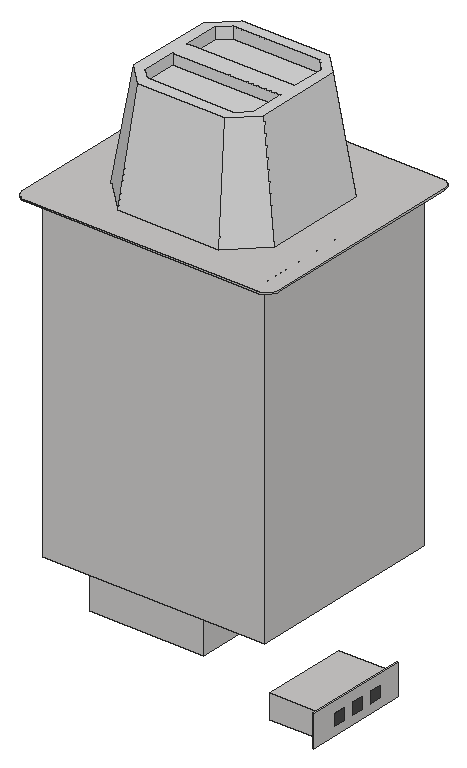
Revit family "QF_ELECTROLUXPROFESSIONAL_341166_D33H", category Attrezzature speciali, Revit 2018
Family settings
  Quota connettore circolare = Usa diametro
  Tipo di parte = Normale
  Basato su piano di lavoro = No
  Sempre verticale = Sì
  Taglio con vuoti quando caricato = No
  Condiviso = No
  Punto di calcolo locali = No
Parameters (values of type "Standard")
  Weight = 0.00 kg
  Watts = 0 W
  Volts = 0 V
  URL Manufacturer = "https://www.electroluxprofessional.com/"
  URL = "https://www.electroluxprofessional.com/"
  Steam Supply Size = 0 mm
  Steam Supply Minimum Pressure = 0.0 Pa
  Steam Supply Maximum Pressure = 0.0 Pa
  Steam Consumption per Hour = 0
  Show Clearance [instance] = yes
  Refrigeration Suction Line Size = 0 mm
  Refrigeration Liquid Line Size = 0 mm
  Refrigerant Compressor Remote = yes
  Produttore = "Electrolux Professional"
  Phase = 0
  Modello = "D33H"
  Length Actual = 0 mm  # constant formula
  Item Number = "341166"
  Hot Water Size = 0 mm
  Height Actual = 0 mm  # constant formula
  HP = "0 HP"
  Gas Size = 0 mm
  Gas KW = 0
  Gas Input Pressure = 0 W
  Direct Waste Size = 0 mm
  Descrizione = "DROP-IN SINGLE CYLINDER PLATE DISPENSER HEATED, PLATE DIAMETER 180-300 MM"
  Depth Actual = 0 mm  # constant formula
  Cycle = 0 Hz
  Controller_Y [instance] = 250 mm
  Controller_1Z [instance] = 150 mm
  Controller_1X [instance] = 400 mm
  Condensate Return Size = 0 mm
  Compressed Air Volume = 0.0 L/s
  Compressed Air Size = 0 mm
  Compressed Air Pressure = 0.0 Pa
  Cold Water Size = 0 mm
  Accessory = yes
Reference planes
  plane 1 "Centro (Fronte/Retro)": y = 74.737
  plane 2: z = 0
  plane 3 "BACK": y = 277.237
  plane 4 "FRONT": y = -127.763
  plane 5 "RIGHT": x = -289.269
  plane 6 "LEFT": x = -739.269
  plane 7: x = -514.269
  plane 8 "TOP": z = 900
  plane 9: y = 249.737
  plane 10: y = -100.263
  plane 11: x = -319.269
  plane 12: x = -709.269
  plane 13: z = 898
  plane 14: z = 230
  plane 15: z = 624.1
  plane 16: z = 150
  plane 17: y = 122.237
  plane 18: x = -339.269
Forms (mm)
  Extrusion 1, solid, material "QF_Finishes_Stainless Steel"
    sketch origin (0, 0, 900) x (-1, 0, 0) y (0, -1, 0)
      loop
        arc (718.769, -277.237) -> (733.264, -271.233) -> (739.269, -256.737) r 20.5
        line (739.269, -256.737) -> (739.269, 105.263)
        arc (739.269, 105.263) -> (732.679, 121.173) -> (716.769, 127.763) r 22.5
        line (716.769, 127.763) -> (311.769, 127.763)
        arc (311.769, 127.763) -> (295.859, 121.173) -> (289.269, 105.263) r 22.5
        line (289.269, 105.263) -> (289.269, -256.737)
        arc (289.269, -256.737) -> (295.273, -271.233) -> (309.769, -277.237) r 20.5
        line (309.769, -277.237) -> (718.769, -277.237)
    from 0 to -2
  Extrusion 2, solid, material "QF_Finishes_Stainless Steel"
    sketch origin (0, 0, 900) x (-1, 0, 0) y (0, -1, 0)
      loop
        line (319.269, -249.737) -> (709.269, -249.737) -> (709.269, 100.263) -> (319.269, 100.263) -> (319.269, -249.737)
    from -2 to -570
  Blend 3, solid, material "QF_Plastic-Gray"
    base sketch origin (0, 251.5, 0) x (1, 0, 0) y (0, 1, 0)
      loop
        line (-603.269, -32.763) -> (-658.269, -87.763) -> (-658.269, -265.763) -> (-603.269, -320.763) -> (-425.269, -320.763) -> (-370.269, -265.763) -> (-370.269, -87.763) -> (-425.269, -32.763) -> (-603.269, -32.763)
    top sketch origin (0, 251.5, 0) x (1, 0, 0) y (0, 1, 0)
      loop
        line (-590.842, -62.763) -> (-628.269, -100.189) -> (-628.269, -253.337) -> (-590.842, -290.763) -> (-437.695, -290.763) -> (-400.269, -253.337) -> (-400.269, -100.189) -> (-437.695, -62.763) -> (-590.842, -62.763)
    from 900 to 1090
  Extrusion 4, void
    sketch origin (0, 251.5, 1090) x (0, 1, 0) y (1, 0, 0)
      loop
        line (-270.763, -437.695) -> (-270.763, -590.842) -> (-253.337, -608.269) -> (-191.763, -608.269) -> (-191.763, -418.982) -> (-252.05, -418.982) -> (-270.763, -437.695)
    from 0 to 20
  Extrusion 5, void
    sketch origin (0, 112.974, 1090) x (0, 1, 0) y (1, 0, 0)
      loop
        line (55.763, -437.695) -> (37.05, -418.982) -> (-23.237, -418.982) -> (-23.237, -608.269) -> (38.337, -608.269) -> (55.763, -590.842) -> (55.763, -437.695)
    from 0 to 20
Cuts and joins
  Extrusion 4, Extrusion 5 cuts Blend 3
Lines and regions (mm)
  symbolic lines
    curve 1: line (-309.769, 277.237, 900) -> (-718.769, 277.237, 900)
    curve 2: line (-739.269, 256.737, 900) -> (-739.269, -105.263, 900)
    curve 3: line (-716.769, -127.763, 900) -> (-309.769, -127.763, 900)
    curve 4: arc (-309.769, -127.763, 900) -> (-295.273, -121.759, 900) -> (-289.269, -107.263, 900) r 20.5
    curve 5: line (-289.269, -107.263, 900) -> (-289.269, 256.737, 900)
    curve 6: line (-603.269, 218.737, 900) -> (-425.269, 218.737, 900)
    curve 7: line (-425.269, 218.737, 900) -> (-370.269, 163.737, 900)
    curve 8: line (-370.269, 163.737, 900) -> (-370.269, -14.263, 900)
    curve 9: line (-370.269, -14.263, 900) -> (-425.269, -69.263, 900)
    curve 10: line (-425.269, -69.263, 900) -> (-603.269, -69.263, 900)
    curve 11: line (-603.269, -69.263, 900) -> (-658.269, -14.263, 900)
    curve 12: line (-658.269, -14.263, 900) -> (-658.269, 163.737, 900)
    curve 13: line (-658.269, 163.737, 900) -> (-603.269, 218.737, 900)
    curve 14: line (-590.842, 188.737, 900) -> (-628.269, 151.311, 900)
    curve 15: line (-628.269, 151.311, 900) -> (-628.269, -1.837, 900)
    curve 16: line (-628.269, -1.837, 900) -> (-590.842, -39.263, 900)
    curve 17: line (-590.842, -39.263, 900) -> (-437.695, -39.263, 900)
    curve 18: line (-437.695, -39.263, 900) -> (-400.269, -1.837, 900)
    curve 19: line (-400.269, -1.837, 900) -> (-400.269, 151.311, 900)
    curve 20: line (-400.269, 151.311, 900) -> (-437.695, 188.737, 900)
    curve 21: line (-437.695, 188.737, 900) -> (-590.842, 188.737, 900)
    curve 22: line (-590.842, 168.737, 900) -> (-437.695, 168.737, 900)
    curve 23: line (-437.695, 168.737, 900) -> (-418.982, 150.024, 900)
    curve 24: line (-418.982, 150.024, 900) -> (-418.982, 89.737, 900)
    curve 25: line (-418.982, 89.737, 900) -> (-608.269, 89.737, 900)
    curve 26: line (-608.269, 89.737, 900) -> (-608.269, 151.311, 900)
    curve 27: line (-608.269, 151.311, 900) -> (-590.842, 168.737, 900)
    curve 28: line (-608.269, 59.737, 900) -> (-418.982, 59.737, 900)
    curve 29: line (-418.982, 59.737, 900) -> (-418.982, -0.55, 900)
    curve 30: line (-418.982, -0.55, 900) -> (-437.695, -19.263, 900)
    curve 31: line (-437.695, -19.263, 900) -> (-590.842, -19.263, 900)
    curve 32: line (-590.842, -19.263, 900) -> (-608.269, -1.837, 900)
    curve 33: line (-608.269, -1.837, 900) -> (-608.269, 59.737, 900)
    curve 34: arc (-739.269, -105.263, 900) -> (-732.679, -121.173, 900) -> (-716.769, -127.763, 900) r 22.5
    curve 35: arc (-718.769, 277.237, 900) -> (-733.264, 271.233, 900) -> (-739.269, 256.737, 900) r 20.5
    curve 36: arc (-289.269, 256.737, 900) -> (-295.273, 271.233, 900) -> (-309.769, 277.237, 900) r 20.5
Dimensions and locks
  plane 6 "LEFT" to plane 5 "RIGHT" = 450 mm
  equal spacing: plane 3 "BACK", plane 1 "Centro (Fronte/Retro)", plane 4 "FRONT"
  plane 3 "BACK" to plane 4 "FRONT" = 405 mm
  equal spacing: plane 6 "LEFT", plane 7, plane 5 "RIGHT"
  locked: plane 8 "TOP" to plane 2 at 900
  plane 6 "LEFT" to plane 12 = 30 mm
  plane 11 to plane 5 "RIGHT" = 30 mm
  plane 3 "BACK" to plane 9 = 27.5 mm
  plane 10 to plane 4 "FRONT" = 27.5 mm
  locked: plane 8 "TOP" to plane 13 at 2
  plane 8 "TOP" to plane 14 = 670 mm
  locked: plane 8 "TOP" to plane 15 at 275.9
  plane 11 to plane 12 = 390 mm  (x2)
  plane 10 to plane 9 = 350 mm
  plane 12 to plane 11 = 390 mm
  "Controller_1Z": plane 16 to plane 2
  "Controller_Y": plane 17 to plane 4 "FRONT"
  "Controller_1X": plane 6 "LEFT" to plane 18
  plane 9 to plane 10 = 350 mm
  aligned and locked: level to plane 2
  aligned and locked: Extrusion 1 sketch curve to plane 3 "BACK"
  aligned and locked: plane 6 "LEFT" to Extrusion 1 sketch curve
  aligned and locked: plane 4 "FRONT" to Extrusion 1 sketch curve
  aligned and locked: Extrusion 1 sketch curve to plane 5 "RIGHT"
  aligned and locked: Extrusion 1 to plane 13
  aligned and locked: plane 9 to Extrusion 2 sketch curve
  aligned and locked: plane 11 to Extrusion 2 sketch curve
  aligned and locked: Extrusion 2 sketch curve to plane 10
  aligned and locked: Extrusion 2 sketch curve to plane 12
  aligned and locked: Extrusion 2 to Extrusion 1
  aligned and locked: plane 16 to nested 2
  aligned and locked: plane 17 to nested 2
  aligned and locked: nested 2 to plane 18
Automatic sketch dimensions
  plane 9 to Extrusion 1 sketch curve = 7 mm  (x2)
  plane 11 to Extrusion 1 sketch curve = 7.5 mm
  Extrusion 1 sketch curve to plane 12 = 7.5 mm
  Blend 3 sketch curve to plane 3 "BACK" = 291.5 mm
  plane 6 "LEFT" to Blend 3 sketch curve = 81 mm
  Blend 3 sketch curve to plane 3 "BACK" = 346.5 mm
  Blend 3 sketch curve to Blend 3 sketch curve = 55 mm  (x6)
  Blend 3 sketch curve to plane 3 "BACK" = 58.5 mm
  Blend 3 sketch curve to Blend 3 sketch curve = 178 mm  (x2)
  Blend 3 sketch curve to plane 3 "BACK" = 125.926 mm  (x2)
  plane 6 "LEFT" to Blend 3 sketch curve = 111 mm
  Blend 3 sketch curve to plane 3 "BACK" = 316.5 mm
  Blend 3 sketch curve to Blend 3 sketch curve = 37.426 mm  (x6)
  Blend 3 sketch curve to Blend 3 sketch curve = 153.147 mm  (x2)
  Extrusion 4 sketch curve to Blend 3 = 20 mm  (x2)
  Extrusion 4 sketch curve to Extrusion 4 sketch curve = 17.426 mm
  Extrusion 4 sketch curve to Extrusion 4 sketch curve = 18.713 mm  (x2)
  Extrusion 4 sketch curve to Blend 3 = 18.713 mm
  Extrusion 4 sketch curve to Extrusion 4 sketch curve = 60.287 mm
  Extrusion 4 sketch curve to Blend 3 = 37.426 mm
  Extrusion 5 sketch curve to Blend 3 = 20 mm  (x2)
  Extrusion 5 sketch curve to Blend 3 = 99 mm
  Extrusion 5 sketch curve to Blend 3 = 18.713 mm
  Extrusion 5 sketch curve to Blend 3 = 38.713 mm
  Extrusion 5 sketch curve to Blend 3 = 37.426 mm
  Extrusion 5 sketch curve to Extrusion 5 sketch curve = 18.713 mm
  Extrusion 5 sketch curve to Extrusion 5 sketch curve = 17.426 mm
  curve 1 to plane 3 "BACK" = 0 mm
  curve 4 to plane 10 = 7 mm
  curve 8 to plane 18 = 31 mm
  plane 10 to curve 9 = 31 mm
  curve 9 to curve 9 = 55 mm  (x2)
  curve 7 to plane 9 = 31 mm
  curve 6 to plane 7 = 89 mm
  curve 11 to plane 7 = 89 mm
  plane 12 to curve 13 = 51 mm
  plane 17 to curve 13 = 41.5 mm
  plane 17 to curve 8 = 41.5 mm
  curve 11 to curve 10 = 55 mm
  curve 8 to curve 18 = 30 mm
  curve 6 to curve 21 = 12.426 mm
  curve 9 to curve 18 = 12.426 mm
  curve 21 to curve 6 = 12.426 mm
  curve 17 to curve 10 = 12.426 mm
  curve 16 to curve 11 = 30 mm
  curve 6 to curve 21 = 30 mm
  plane 17 to curve 19 = 29.074 mm
  plane 17 to curve 14 = 29.074 mm
  curve 15 to curve 11 = 12.426 mm
  curve 18 to curve 8 = 12.426 mm
  curve 17 to curve 9 = 30 mm
  curve 24 to plane 1 "Centro (Fronte/Retro)" = 15 mm
  curve 23 to curve 20 = 0 mm
  curve 27 to curve 14 = 0 mm
  curve 26 to curve 14 = 20 mm
  curve 14 to curve 22 = 20 mm
  curve 14 to curve 26 = 0 mm
  curve 19 to curve 24 = 1.287 mm
  curve 18 to curve 29 = 18.713 mm
  curve 31 to curve 17 = 0 mm
  curve 31 to curve 16 = 0 mm
  curve 32 to curve 15 = 20 mm
  plane 1 "Centro (Fronte/Retro)" to curve 29 = 15 mm
  curve 30 to curve 18 = 1.287 mm
  curve 15 to curve 32 = 0 mm
  curve 31 to curve 16 = 20 mm
  curve 25 to curve 28 = 0 mm
  curve 23 to curve 7 = 6.287 mm
  curve 34 to plane 10 = 5 mm
  curve 35 to plane 6 "LEFT" = 0 mm
  plane 9 to curve 35 = 7 mm
  curve 36 to plane 5 "RIGHT" = 0 mm
  plane 9 to curve 36 = 7 mm
  curve 34 to plane 4 "FRONT" = 0 mm
Nested families
  nested 1: "Remote_Electrical_Box" at (-574.269, 59.737, 230) x (-1, 0, 0) z (0, 0, 1), type "Remote_Electrical_Box"
  nested 2: "Controller" at (-339.269, 122.237, 150) x (0, 1, 0) z (0, 0, 1), type "Controller"
Connectors
  electrical at (-437.323, 176.362, 129)
    settings: on nested 2, index 1, voltage 0 V, apparent load 0 VA, apparent load phase1 0 VA, apparent load phase2 0 VA, apparent load phase3 0 VA, power factor 1, load classification "Altro", number of poles 1, system type 30, power factor state 1, is connector primary yes, connector utility no, sub classification motor no, connector description "Electrical Connection"
Definition of nested family "Remote_Electrical_Box"
  Parameters (values of type "Remote_Electrical_Box")
    Default Elevation = 1219.2 mm
  Reference planes
    plane 1 "Center (Front/Back)": y = 0
    plane 2: z = 0
    plane 3 "Center (Left/Right)": x = 0
    plane 4: x = -100
    plane 5: x = 100
    plane 6: y = 100
    plane 7: y = -100
    plane 8: z = 100
    plane 9: z = 50
  Forms (mm)
    Extrusion 1, solid
      sketch origin (0, 0, 0) x (1, 0, 0) y (0, 1, 0)
        loop
          line (-100, 100) -> (-100, -100) -> (100, -100) -> (100, 100) -> (-100, 100)
      from 0 to 100
  Lines and regions (mm)
    symbolic lines
      curve 1: line (-100, 100, 0) -> (100, 100, 0)
      curve 2: line (-100, -100, 0) -> (-100, 100, 0)
      curve 3: line (100, -100, 0) -> (-100, -100, 0)
      curve 4: line (100, 100, 0) -> (100, -100, 0)
  Dimensions and locks
    equal spacing: plane 4, plane 3 "Center (Left/Right)", plane 5
    equal spacing: plane 6, plane 1 "Center (Front/Back)", plane 7
    plane 4 to plane 5 = 200 mm
    plane 6 to plane 7 = 200 mm
    equal spacing: plane 8, plane 9, plane 2
    aligned and locked: level to plane 2
    aligned and locked: Extrusion 1 sketch curve to plane 6
    aligned and locked: plane 4 to Extrusion 1 sketch curve
    aligned and locked: plane 7 to Extrusion 1 sketch curve
    aligned and locked: Extrusion 1 sketch curve to plane 5
    aligned and locked: plane 8 to Extrusion 1
  Automatic sketch dimensions
    curve 3 to plane 4 = 0 mm
    curve 3 to plane 5 = 0 mm
    curve 2 to plane 6 = 0 mm
    curve 2 to plane 7 = 0 mm
Definition of nested family "Controller"
  Reference planes
    plane 1 "Center (Front/Back)": y = 0
    plane 2: z = 0
    plane 3 "Center (Left/Right)": x = 0
  Forms (mm)
    Extrusion 1, solid
      sketch origin (0, 44.769, -48.2) x (1, 0, 0) y (0, 1, 0)
        loop
          line (-76, 43.253) -> (-76, -47.65) -> (76, -47.65) -> (76, 43.253) -> (-76, 43.253)
      from 6.2 to 48.2
    Extrusion 2, solid
      sketch origin (0, 44.769, -48.2) x (1, 0, 0) y (0, 0, 1)
        loop
          line (-92.25, 54.4) -> (-92.25, 0) -> (92.25, 0) -> (92.25, 54.4) -> (-92.25, 54.4)
        loop
          line (-76, 48.2) -> (-76, 6.2) -> (76, 6.2) -> (76, 48.2) -> (-76, 48.2)
      from 44.769 to 47.65
    Extrusion 3, solid
      sketch origin (76, -2.881, -48.2) x (-1, 0, 0) y (0, 0, -1)
        loop
          line (106, -37.2) -> (126, -37.2) -> (126, -17.2) -> (106, -17.2) -> (106, -37.2)
        loop
          line (66, -37.2) -> (86, -37.2) -> (86, -17.2) -> (66, -17.2) -> (66, -37.2)
        loop
          line (26, -37.2) -> (46, -37.2) -> (46, -17.2) -> (26, -17.2) -> (26, -37.2)
      from 0 to 2
    Extrusion 4, void
      sketch origin (0, 0, 0) x (1, 0, 0) y (0, 1, 0)
        loop
          line (76, 88) -> (-76, 88) -> (-76, 0) -> (76, 0) -> (76, 88)
      from 0 to -42
    Extrusion 5, solid
      sketch origin (0, 0, 0) x (1, 0, 0) y (0, 0, 1)
        loop
          circle (54.125, -21) r 10
      from -98.055 to -88.022
  Cuts and joins
    Extrusion 4 cuts Extrusion 2
    joined: Extrusion 1, Extrusion 2
  Lines and regions (mm)
    symbolic lines
      curve 1: line (-76, 88, 0) -> (-76, 0, 0)
      curve 2: line (76, 88, 0) -> (-76, 88, 0)
      curve 3: line (76, 0, 0) -> (76, 88, 0)
      curve 4: line (-92.25, -2.881, 0) -> (92.25, -2.881, 0)
      curve 5: line (-92.25, 0, 0) -> (-92.25, -2.881, 0)
      curve 6: line (92.25, 0, 0) -> (-92.25, 0, 0)
      curve 7: line (92.25, -2.881, 0) -> (92.25, 0, 0)
  Dimensions and locks
    aligned and locked: level to plane 2
    aligned and locked: Extrusion 5 to cut or joined group of Extrusion 1, Extrusion 2, Extrusion 4
